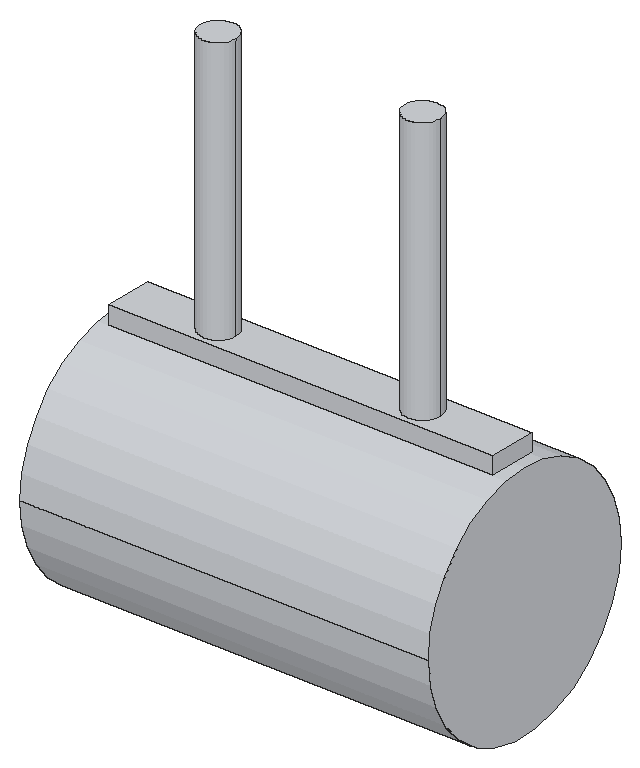
Revit family "304_Cim3790-_", category Pipe Accessories, Revit 2017
Family settings
  Round Connector Dimension = Use Diameter
  Part Type = Valve - Breaks Into
  Work Plane-Based = No
  Always vertical = Yes
  Cut with Voids When Loaded = No
  Shared = No
Parameters (values of type "Cim3790-50")
  magi_piping_given_dp [instance] = 0.0 Pa
  magiProductId = "Cim3790-50"
  magiProductFamilyId = "Cim3790-*"
  magiProductCode = "Cim3790-50"
  magiPartTypeId = 304
  ang2D [instance] = 0.00°
  WW1 = 10 mm
  W2D = 50 mm
  VersionID = "2.0/2015.11/CIMBERIO_CIM3790_Q13_001"
  Use Minimum Symbol Size [instance] = yes
  URL = "www.cimberio.it"
  QmdConnectorList = "301;D;302;D"
  Productdata [instance] = "© Progman Oy, all rights reserved"
  Manufacturer = "Cimberio"
  MC_Default_elevation = 0 mm
  LL3 = 42.5 mm
  LL2 = 80 mm
  LL1 = 85 mm
  L2D_Min = 3048 mm
  L2D = 170 mm
  L = 170 mm
  HH2 = 110.892 mm
  HH1 = 50 mm
  Description = "AUTOMATIC BALANCING VALVE - PN 16 - FLANGED END"
  DD1 = 15 mm
  D = 50 mm
  CAT0 = yes
  B1 = 7.108 mm
  A = 100 mm
Types (15, lengths in mm): name | magiProductId | magiProductCode | W2D | HH2 | HH1 | D | B1 | A
  Cim3790-50 | "Cim3790-50" | "Cim3790-50" | 50 | 110.892 | 50 | 50 | 7.108 | 100
  Cim3790-800 | "Cim3790-800" | "Cim3790-800" | 800 | 110.892 | 440 | 800 | 7.108 | 880
  Cim3790-600 | "Cim3790-600" | "Cim3790-600" | 600 | 110.892 | 357.5 | 600 | 7.108 | 715
  Cim3790-500 | "Cim3790-500" | "Cim3790-500" | 500 | 110.892 | 300.5 | 500 | 7.108 | 601
  Cim3790-450 | "Cim3790-450" | "Cim3790-450" | 450 | 110.892 | 272.5 | 450 | 7.108 | 545
  Cim3790-400 | "Cim3790-400" | "Cim3790-400" | 400 | 110.892 | 248 | 400 | 7.108 | 496
  Cim3790-350 | "Cim3790-350" | "Cim3790-350" | 350 | 110.892 | 221.5 | 350 | 7.108 | 443
  Cim3790-300 | "Cim3790-300" | "Cim3790-300" | 300 | 110.892 | 191.5 | 300 | 7.108 | 383
  Cim3790-250 | "Cim3790-250" | "Cim3790-250" | 250 | 107.133 | 163 | 250 | 6.867 | 326
  Cim3790-200 | "Cim3790-200" | "Cim3790-200" | 200 | 110.892 | 135.5 | 200 | 7.108 | 271
  Cim3790-150 | "Cim3790-150" | "Cim3790-150" | 150 | 110.892 | 108 | 150 | 7.108 | 216
  Cim3790-125 | "Cim3790-125" | "Cim3790-125" | 125 | 110.892 | 96.5 | 125 | 7.108 | 193
  Cim3790-100 | "Cim3790-100" | "Cim3790-100" | 100 | 110.892 | 81.5 | 100 | 7.108 | 163
  Cim3790-80 | "Cim3790-80" | "Cim3790-80" | 80 | 110.892 | 65.5 | 80 | 7.108 | 131
  Cim3790-65 | "Cim3790-65" | "Cim3790-65" | 65 | 110.892 | 59.5 | 65 | 7.108 | 119
Reference planes
  plane 1 "Center (Front/Back)": y = 0
  plane 2 "XYPLANE": z = 0
  plane 3 "Center (Left/Right)": x = 0
  plane 4 "INIT_TEMP": y = 100
  plane 5 "365": z = 0
  plane 6 "364": y = 0
  plane 7 "363": x = -85
  plane 8 "362": x = 85
  plane 9 "361": x = -80
  plane 10 "360": x = 80
  plane 11 "359": y = 10
  plane 12 "358": y = -10
  plane 13 "357": z = 50
  plane 14 "356": z = 57.108
  plane 15 "355": x = -42.5
  plane 16 "354": x = 42.5
Forms (mm)
  Extrusion 1, solid, visible <- "CAT0"
    sketch origin (-85, -750, 0) x (0, 1, 0) y (0, 0, 1)
      loop
        circle (750, 0) r 50
    from 0 to 170 <- "L"
  Extrusion 2, solid, visible <- "CAT0"
    sketch origin (-750, 0, 50) x (1, 0, 0) y (0, 1, 0)
      loop
        line (670, 10) -> (670, -10) -> (830, -10) -> (830, 10) -> (670, 10)
    from 0 to 7.108 <- "B1"
  Extrusion 3, solid, visible <- "CAT0"
    sketch origin (-750, 0, 57.108) x (1, 0, 0) y (0, 1, 0)
      loop
        circle (707.5, 0) r 7.5
    from 0 to 110.892 <- "HH2"
  Extrusion 4, solid, visible <- "CAT0"
    sketch origin (-750, 0, 57.108) x (1, 0, 0) y (0, 1, 0)
      loop
        circle (792.5, 0) r 7.5
    from 0 to 110.892 <- "HH2"
  Extrusion 5, solid, not visible
    sketch origin (-85, -750, 0) x (0, 1, 0) y (0, 0, 1)
      loop
        circle (750, 0) r 10
    from 0 to 10
  Extrusion 6, solid, not visible
    sketch origin (85, -750, 0) x (0, 1, 0) y (0, 0, 1)
      loop
        circle (750, 0) r 10
    from 0 to -10
Text (mm)
  text "© Progman Oy, all rights reserved" at (-472.209, -2482.653, 0), in view "Ref. Level"
Dimensions and locks
  plane 4 "INIT_TEMP" to plane 1 "Center (Front/Back)" = 100 mm
  locked: plane 2 "XYPLANE" to plane 5 "365"
  locked: plane 1 "Center (Front/Back)" to plane 6 "364"
  "LL1": plane 3 "Center (Left/Right)" to plane 7 "363"
  "LL1": plane 3 "Center (Left/Right)" to plane 8 "362"
  "LL2": plane 3 "Center (Left/Right)" to plane 9 "361"
  "LL2": plane 3 "Center (Left/Right)" to plane 10 "360"
  "WW1": plane 1 "Center (Front/Back)" to plane 11 "359"
  "WW1": plane 1 "Center (Front/Back)" to plane 12 "358"
  "HH1": plane 2 "XYPLANE" to plane 13 "357"
  "B1": plane 13 "357" to plane 14 "356"
  "LL3": plane 7 "363" to plane 15 "355"
  "LL3": plane 8 "362" to plane 16 "354"
  "A": diameter of Extrusion 1 sketch curve
  "DD1": diameter of Extrusion 3 sketch curve
  "DD1": diameter of Extrusion 4 sketch curve
  aligned and locked: level to plane 2 "XYPLANE"
  aligned and locked: plane 5 "365" to Extrusion 1 sketch curve
  aligned and locked: Extrusion 1 sketch curve to plane 6 "364"
  aligned and locked: Extrusion 2 sketch curve to plane 11 "359"
  aligned and locked: plane 9 "361" to Extrusion 2 sketch curve  (x2)
  aligned and locked: plane 10 "360" to Extrusion 2 sketch curve  (x2)
  aligned and locked: plane 11 "359" to Extrusion 2 sketch curve
  aligned and locked: plane 12 "358" to Extrusion 2 sketch curve  (x2)
  aligned and locked: plane 6 "364" to Extrusion 3 sketch curve
  aligned and locked: plane 15 "355" to Extrusion 3 sketch curve
  aligned and locked: plane 6 "364" to Extrusion 4 sketch curve
  aligned and locked: plane 16 "354" to Extrusion 4 sketch curve
  aligned and locked: Extrusion 5 sketch curve to plane 6 "364"
  aligned and locked: plane 5 "365" to Extrusion 6 sketch curve
  aligned and locked: Extrusion 6 sketch curve to plane 6 "364"
Automatic sketch dimensions
  Extrusion 5 sketch curve to level = 0 mm
  Extrusion 5 sketch curve to plane 12 "358" = 0 mm
  Extrusion 6 sketch curve to plane 12 "358" = 0 mm
Connectors
  piping at (-85, 0, 0), diameter 50, driven by "D"
    settings: on Extrusion 5, index 1, connector inside diameter 609.6 mm, connector length 0 mm, flow factor 0, pipe flow 0.0 L/s, pressure drop 0.0 Pa, fitting loss kfactor 0, connector angle 0.00°, fixture units 0, engagement length 0 mm, angle of deflection 0.00°, flow configuration 0, flow direction 0, fitting loss method 0, system type 29, joint type 0, gender type 0, connector reference index 2, connector utility 0, adjustable connector no, is connector primary yes, connector description ""
  piping at (85, 0, 0), diameter 50, driven by "D"
    settings: on Extrusion 6, index 2, connector inside diameter 609.6 mm, connector length 0 mm, flow factor 0, pipe flow 0.0 L/s, pressure drop 0.0 Pa, fitting loss kfactor 0, connector angle 0.00°, fixture units 0, engagement length 0 mm, angle of deflection 0.00°, flow configuration 0, flow direction 0, fitting loss method 0, system type 29, joint type 0, gender type 0, connector reference index 1, connector utility 0, adjustable connector no, is connector primary no, connector description ""
